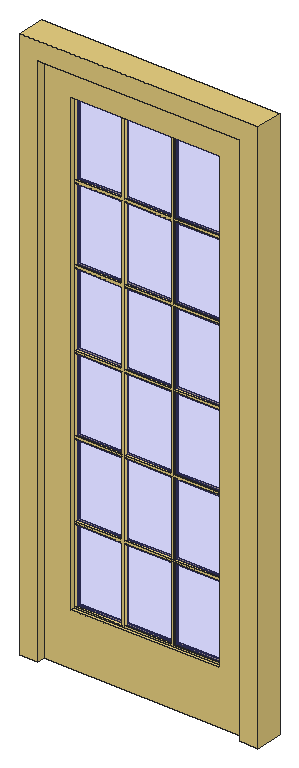
Revit family "DTI_A3-AC-Panel-D18b-Frame-F", category Doors, host Wall, Revit 2016
Family settings
  Host = Wall
  Always vertical = Yes
  Cut with Voids When Loaded = No
  Shared = No
  Room Calculation Point = No
Parameters (values of type "Panel D18B - Frame F")
  URL = "www.acdoors.co.za"
  Panel Width = Width - (Frame Depth * 2)  # 762 mm
  Panel Type = "D18B"
  Panel Thickness = 44 mm
  Panel Material = Meranti Wood
  Panel Height = Height - Frame Depth  # 2032 mm
  Model = "Glass Door"
  Manufacturer Code = "D18B - F"
  Manufacturer = "AC Doors"
  Height = 2100 mm
  Wall Closure = By host
  Width = 898 mm
  Glass Mateial = Glass
  Function = Interior
  Frame Type = "Frame F"
  Frame Thickness = 102 mm
  Frame Material = Meranti Wood
  Frame Depth = 68 mm
  Assembly Code = "B2030230"
Reference planes
  plane 1 "Wall Center": y = 0
  plane 2 "Center (Left/Right)": x = 0
  plane 3 "Left": x = -449
  plane 4 "Right": x = 449
  plane 5: z = 2100
  plane 6 "Exterior": y = 75
  plane 7 "Interior": y = -75
Forms (mm)
  Sweep 1, solid, material "Meranti Wood" <- "Frame Material", detail levels medium+fine
    path origin (0, 0, 0) x (1, 0, 0) y (0, 0, 1)
      loop
        line (449, 0) -> (449, 2100) -> (-449, 2100) -> (-449, 0)
    profile origin (0, 0, 2100) x (0, 0, -1) y (0, -1, 0)
      loop
        line (0, -51) -> (68, -51) -> (68, 51) -> (0, 51) -> (0, -51)
Lines and regions (mm)
  Opening 1
    outline origin (-3050, -75, 0) x (1, 0, 0) y (0, 0, 1)
      loop
        line (2601, 0) -> (3499, 0) -> (3499, 2100) -> (2601, 2100) -> (2601, 0)
  symbolic lines, style "Elevation Swing"
    curve 1: line (381, 0, 2032) -> (-381, 0, 1016)
    curve 2: line (-381, 0, 1016) -> (381, 0, 0)
  symbolic lines, style "Plan Swing"
    curve 3: line (381, -22, 0) -> (381, -784, 0)
    curve 6: arc (381, -784, 0) -> (-157.815, -560.815, 0) -> (-381, -22, 0) r 762
  symbolic lines, style "Plan Swing", detail levels medium+fine
    curve 4: line (381, -784, 0) -> (337, -784, 0)
    curve 5: line (337, -784, 0) -> (337, -22, 0)
    curve 7: line (381, -22, 0) -> (337, -22, 0)
Text (mm)
  text "Exterior" at (-2295.016, 1099.543, 0), in view "Ref. Level"
  text "Exterior" at (0, 1615.38, 3698.081), in view "Left"
  text "Exterior" at (0, 1036.032, 3874.932), in view "Right"
Dimensions and locks
  equal spacing: plane 3 "Left", plane 2 "Center (Left/Right)", plane 4 "Right"
  "Width": plane 3 "Left" to plane 4 "Right"
  "Height": plane 5 to host wall
  host wall to plane 5 = 2100 mm  (x2)
  locked: plane 6 "Exterior" to host wall at 0
  locked: plane 7 "Interior" to host wall
  "Frame Depth": Sweep 1 sketch curve to Sweep 1 sketch curve
  equal spacing: Sweep 1 sketch curve, profile plane, Sweep 1 sketch curve
  "Frame Thickness": Sweep 1 sketch curve to Sweep 1 sketch curve
  "Panel Thickness": curve 5 to curve 3
  "Panel Width": nested 1 to curve 4
  aligned and locked: plane 3 "Left" to Opening 1 sketch curve
  aligned and locked: plane 5 to Opening 1 sketch curve  (x2)
  aligned and locked: Opening 1 sketch curve to plane 4 "Right"
  aligned and locked: Opening 1 sketch curve to level
  aligned and locked: plane 1 "Wall Center" to host wall
  aligned and locked: plane 5 to Sweep 1 sketch curve
  aligned and locked: Sweep 1 sketch curve to plane 4 "Right"
  aligned and locked: Sweep 1 sketch curve to plane 3 "Left"
  aligned and locked: level to Sweep 1 sketch curve  (x2)
  aligned and locked: Sweep 1 sketch curve to profile plane
  aligned and locked: plane 2 "Center (Left/Right)" to nested 1
  aligned and locked: plane 1 "Wall Center" to nested 1
Automatic sketch dimensions
  curve 2 to level = 0 mm
  curve 1 to plane 3 "Left" = 68 mm
  plane 4 "Right" to curve 2 = 68 mm
  plane 4 "Right" to curve 1 = 68 mm
  level to curve 2 = 1016 mm
  plane 5 to curve 1 = 68 mm
  curve 6 to plane 3 "Left" = 68 mm
  host wall to curve 5 = 22 mm
  curve 3 to curve 6 = 0 mm
Nested families
  nested 1: "D18B" at (-16.973, 4.38, 0), type "D18B", detail levels medium+fine
    with Panel Width 762 mm, Panel Height 2032 mm
Definition of nested family "D18B"
  Parameters
    Panel Width = 813 mm
    Panel Thickess = 44 mm
    Panel Material = none
    Panel Height = 2030 mm
    Offset = 100 mm
    Glass Material = none
  Reference planes
    plane 1 "Center (Front/Back)": y = -4.38
    plane 2: z = 0
    plane 3 "Center (Left/Right)": x = 16.973
    plane 4: y = 17.62
    plane 5: y = -26.38
    plane 6: x = -389.527
    plane 7: x = 423.473
    plane 8: z = 2030
    plane 9: x = -289.527
    plane 10: z = 1930
    plane 11: z = 200
    plane 12: x = 323.473
    plane 13: z = 1925.127
    plane 14: z = 204.873
    plane 15: z = 1641.667
    plane 16: z = 1353.333
    plane 17: z = 1065
    plane 18: z = 776.667
    plane 19: z = 488.333
    plane 20: x = -85.194
    plane 21: x = 119.139
  Forms (mm)
    Sweep 1, solid, material <- "Panel Material"
      path origin (0, -4.38, 0) x (1, 0, 0) y (0, 0, 1)
        loop
          line (-389.527, 0) -> (-389.527, 2030) -> (423.473, 2030) -> (423.473, 0)
      profile origin (16.973, -4.38, 2030) x (0, 0, 1) y (0, -1, 0)
        loop
          line (0, -22) -> (0, 22) -> (-100, 22) -> (-100, -22) -> (0, -22)
    Sweep 2, solid, material <- "Panel Material"
      path origin (0, -4.38, 0) x (1, 0, 0) y (0, 0, 1)
        loop
          line (-289.527, 200) -> (323.473, 200)
      profile origin (16.973, -4.38, 200) x (0, 0, 1) y (0, -1, 0)
        loop
          line (0, -22) -> (0, 22) -> (-200, 22) -> (-200, -22) -> (0, -22)
    Sweep 3, solid, material <- "Panel Material"
      path origin (0, -4.38, 0) x (1, 0, 0) y (0, 0, 1)
        loop
          line (-289.527, 1930) -> (-289.527, 200) -> (323.473, 200) -> (323.473, 1930) -> (-289.527, 1930)
      profile "Glass Suppurt profile : Glass Suppurt profile" origin (16.973, -4.38, 1930) x (0, 0, 1) y (0, -1, 0)
        loop
          line (0, 8) -> (-4.45, 8) -> (-8.45, 4) -> (-4.873, 4) -> (-4.873, -4) -> (-8.45, -4) -> (-4.45, -8) -> (0, -8) -> (0, 8)
    Extrusion 4, solid, material <- "Glass Material"
      sketch origin (0, 0, 0) x (1, 0, 0) y (0, 1, 0)
        loop
          line (-284.655, -0.38) -> (-284.655, -8.38) -> (-90.067, -8.38) -> (-90.067, -0.38) -> (-284.655, -0.38)
        loop
          line (318.6, -8.38) -> (318.6, -0.38) -> (124.012, -0.38) -> (124.012, -8.38) -> (318.6, -8.38)
        loop
          line (-80.321, -0.38) -> (-80.321, -8.38) -> (114.267, -8.38) -> (114.267, -0.38) -> (-80.321, -0.38)
      from 204.873 to 1925.127
    Sweep 5, solid, material <- "Panel Material"
      path origin (0, -4.38, 0) x (1, 0, 0) y (0, 0, 1)
        loop
          line (-85.194, 1930) -> (-85.194, 200)
      profile "Glass Divider profile : Glass Divider profile" origin (-85.194, -4.38, 1065) x (1, 0, 0) y (0, -1, 0)
        loop
          line (0, -8) -> (4.45, -8) -> (8.45, -4) -> (4.873, -4) -> (4.873, 4) -> (8.45, 4) -> (4.45, 8) -> (0, 8) -> (-4.45, 8) -> (-8.45, 4) -> (-4.873, 4) -> (-4.873, -4) -> (-8.45, -4) -> (-4.45, -8) -> (0, -8)
    Sweep 6, solid, material <- "Panel Material"
      path origin (-1048.027, -4.38, 1081.973) x (0, 0, -1) y (1, 0, 0)
        loop
          line (16.973, 1371.5) -> (16.973, 758.5)
      profile "Glass Divider profile : Glass Divider profile" origin (16.973, -4.38, 1065) x (0, 0, -1) y (0, -1, 0)
        loop
          line (0, -8) -> (4.45, -8) -> (8.45, -4) -> (4.873, -4) -> (4.873, 4) -> (8.45, 4) -> (4.45, 8) -> (0, 8) -> (-4.45, 8) -> (-8.45, 4) -> (-4.873, 4) -> (-4.873, -4) -> (-8.45, -4) -> (-4.45, -8) -> (0, -8)
    Sweep 7, solid, material <- "Panel Material"
      path origin (-1048.027, -4.38, 1370.306) x (0, 0, -1) y (1, 0, 0)
        loop
          line (16.973, 1371.5) -> (16.973, 758.5)
      profile "Glass Divider profile : Glass Divider profile" origin (16.973, -4.38, 1353.333) x (0, 0, -1) y (0, -1, 0)
        loop
          line (0, -8) -> (4.45, -8) -> (8.45, -4) -> (4.873, -4) -> (4.873, 4) -> (8.45, 4) -> (4.45, 8) -> (0, 8) -> (-4.45, 8) -> (-8.45, 4) -> (-4.873, 4) -> (-4.873, -4) -> (-8.45, -4) -> (-4.45, -8) -> (0, -8)
    Sweep 8, solid, material <- "Panel Material"
      path origin (-1048.027, -4.38, 1610.306) x (0, 0, -1) y (1, 0, 0)
        loop
          line (-31.361, 1371.5) -> (-31.361, 758.5)
      profile "Glass Divider profile : Glass Divider profile" origin (16.973, -4.38, 1641.667) x (0, 0, -1) y (0, -1, 0)
        loop
          line (0, -8) -> (4.45, -8) -> (8.45, -4) -> (4.873, -4) -> (4.873, 4) -> (8.45, 4) -> (4.45, 8) -> (0, 8) -> (-4.45, 8) -> (-8.45, 4) -> (-4.873, 4) -> (-4.873, -4) -> (-8.45, -4) -> (-4.45, -8) -> (0, -8)
    Sweep 9, solid, material <- "Panel Material"
      path origin (-1048.027, -4.38, 870.306) x (0, 0, -1) y (1, 0, 0)
        loop
          line (93.639, 1371.5) -> (93.639, 758.5)
      profile "Glass Divider profile : Glass Divider profile" origin (16.973, -4.38, 776.667) x (0, 0, -1) y (0, -1, 0)
        loop
          line (0, -8) -> (4.45, -8) -> (8.45, -4) -> (4.873, -4) -> (4.873, 4) -> (8.45, 4) -> (4.45, 8) -> (0, 8) -> (-4.45, 8) -> (-8.45, 4) -> (-4.873, 4) -> (-4.873, -4) -> (-8.45, -4) -> (-4.45, -8) -> (0, -8)
    Sweep 10, solid, material <- "Panel Material"
      path origin (-1021.881, -4.38, 571.448) x (0, 0, -1) y (1, 0, 0)
        loop
          line (83.114, 1345.353) -> (83.114, 732.353)
      profile "Glass Divider profile : Glass Divider profile" origin (16.973, -4.38, 488.333) x (0, 0, -1) y (0, -1, 0)
        loop
          line (0, -8) -> (4.45, -8) -> (8.45, -4) -> (4.873, -4) -> (4.873, 4) -> (8.45, 4) -> (4.45, 8) -> (0, 8) -> (-4.45, 8) -> (-8.45, 4) -> (-4.873, 4) -> (-4.873, -4) -> (-8.45, -4) -> (-4.45, -8) -> (0, -8)
    Sweep 11, solid, material <- "Panel Material"
      path origin (204.333, -4.38, 0) x (1, 0, 0) y (0, 0, 1)
        loop
          line (-85.194, 1930) -> (-85.194, 200)
      profile "Glass Divider profile : Glass Divider profile" origin (119.139, -4.38, 1065) x (1, 0, 0) y (0, -1, 0)
        loop
          line (0, -8) -> (4.45, -8) -> (8.45, -4) -> (4.873, -4) -> (4.873, 4) -> (8.45, 4) -> (4.45, 8) -> (0, 8) -> (-4.45, 8) -> (-8.45, 4) -> (-4.873, 4) -> (-4.873, -4) -> (-8.45, -4) -> (-4.45, -8) -> (0, -8)
  Cuts and joins
    joined: Sweep 1, Sweep 2
    joined: Sweep 3, Sweep 5, Sweep 6, Sweep 7, Sweep 8, Sweep 9, Sweep 10, Sweep 11
  Dimensions and locks
    equal spacing: plane 6, plane 3 "Center (Left/Right)", plane 7
    "Panel Width": plane 6 to plane 7
    equal spacing: plane 4, plane 1 "Center (Front/Back)", plane 5
    "Panel Thickess": plane 4 to plane 5
    locked: plane 11 to level at 200
    "Offset": plane 8 to plane 10
    "Offset": plane 9 to plane 6
    "Offset": plane 12 to plane 7
    "Panel Height": plane 8 to plane 2
    plane 13 to plane 10 = 4.873 mm
    plane 14 to plane 11 = 4.873 mm
    equal spacing: plane 10, plane 15, plane 16, plane 17, plane 18, plane 19, plane 11
    equal spacing: plane 12, plane 21, plane 20, plane 9
    aligned and locked: Sweep 1 sketch curve to plane 8
    aligned and locked: Sweep 1 sketch curve to plane 6
    aligned and locked: Sweep 1 sketch curve to plane 7
    aligned and locked: level to Sweep 1 sketch curve  (x2)
    aligned and locked: plane 4 to Sweep 1 sketch curve
    aligned and locked: Sweep 1 sketch curve to profile plane
    aligned and locked: plane 10 to Sweep 1 sketch curve
    aligned and locked: Sweep 1 sketch curve to plane 5
    aligned and locked: plane 9 to Sweep 2 sketch curve
    aligned and locked: plane 12 to Sweep 2 sketch curve
    aligned and locked: Sweep 2 sketch curve to plane 11
    aligned and locked: plane 4 to Sweep 2 sketch curve
    aligned and locked: Sweep 2 sketch curve to profile plane
    aligned and locked: Sweep 2 sketch curve to Sweep 1
    aligned and locked: Sweep 1 to Sweep 2 sketch curve
    aligned and locked: Sweep 3 sketch curve to Sweep 1  (x2)
    aligned and locked: Sweep 2 to Sweep 3 sketch curve
    aligned and locked: Sweep 3 sketch curve to Sweep 2
    aligned and locked: Extrusion 4 sketch curve to Sweep 3  (x3)
    aligned and locked: Sweep 3 to Extrusion 4 sketch curve
    aligned and locked: Extrusion 4 to plane 13
    aligned and locked: plane 14 to Extrusion 4
    aligned and locked: plane 10 to Sweep 5 sketch curve
    aligned and locked: plane 11 to Sweep 5 sketch curve
    aligned and locked: plane 9 to Sweep 10 sketch curve
    aligned and locked: plane 12 to Sweep 10 sketch curve
    aligned and locked: plane 19 to Sweep 10 sketch curve
    aligned and locked: plane 9 to Sweep 9 sketch curve
    aligned and locked: plane 12 to Sweep 9 sketch curve
    aligned and locked: plane 18 to Sweep 9 sketch curve
    aligned and locked: plane 9 to Sweep 6 sketch curve
    aligned and locked: plane 12 to Sweep 6 sketch curve
    aligned and locked: plane 17 to Sweep 6 sketch curve
    aligned and locked: plane 12 to Sweep 7 sketch curve
    aligned and locked: plane 9 to Sweep 7 sketch curve
    aligned and locked: plane 16 to Sweep 7 sketch curve
    aligned and locked: plane 9 to Sweep 8 sketch curve
    aligned and locked: plane 12 to Sweep 8 sketch curve
    aligned and locked: plane 15 to Sweep 8 sketch curve
    aligned and locked: Extrusion 4 sketch curve to Sweep 5  (x2)
    aligned and locked: Sweep 5 sketch curve to plane 20
    aligned and locked: plane 10 to Sweep 11 sketch curve
    aligned and locked: plane 11 to Sweep 11 sketch curve
    aligned and locked: plane 21 to Sweep 11 sketch curve
    aligned and locked: Extrusion 4 sketch curve to Sweep 11  (x2)
  Automatic sketch dimensions
    plane 1 "Center (Front/Back)" to Extrusion 4 sketch curve = 4 mm  (x2)
    Extrusion 4 sketch curve to plane 1 "Center (Front/Back)" = 4 mm  (x2)
